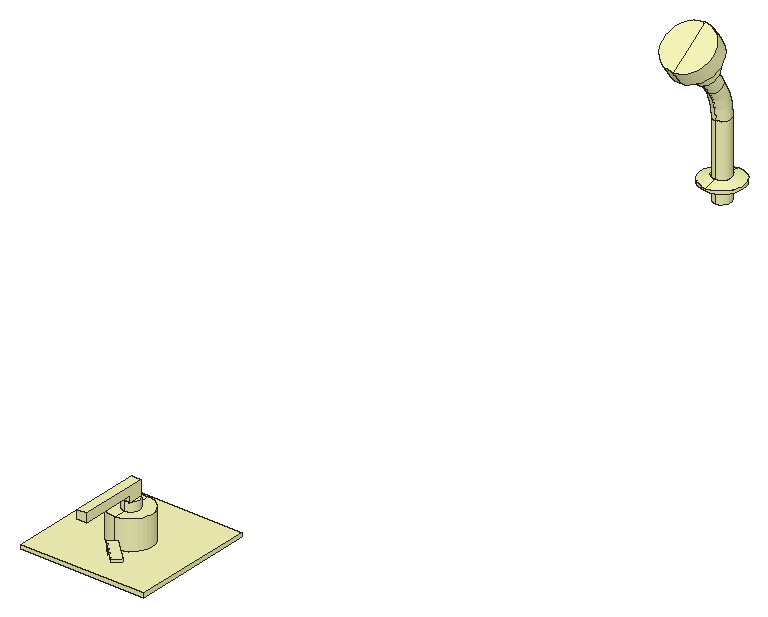
Revit family "Shower_System-Symmons-Duro-Shower-Volume_Control-Trim", category Plumbing Fixtures, host Face, Revit 2015 (continued)
Definition of nested family "Shower_System_Valve-Symmons-Duro-Shower-Trim"
  Parameters
       z Type Service Stop = 1, z Type Check Stops = 1, z Type IPS Connection = 0), "Integral Service Stops,Check Stops", if(and(z VC Type = 1, z Type Reverse Core = 1, z Type Service Stop = 1, z Type Check Stops = 1, z Type IPS Connection = 0), "Volume Control,Reverse Core,Integral Service Stops,Check Stops", if(and(z VC Type = 0, z Type Reverse Core = 1, z Type Service Stop = 1, z Type Check Stops = 1, z Type IPS Connection = 0), "Reverse Core,Integral Service Stops,Check Stops", if(and(z VC Type = 1, z Type Reverse Core = 0, z Type Service Stop = 0, z Type Check Stops = 0, z Type IPS Connection = 1), "Volume Control,.5 Inch IPS Connection", if(and(z VC Type = 0, z Type Reverse Core = 0, z Type Service Stop = 0, z Type Check Stops = 0, z Type IPS Connection = 1), ".5 Inch IPS Connection", "Not Available")))))))))))))))))))))))))))))))))))))))))))))))))))))  # "Volume Control"
    Model Disclaimer = "Contact Symmons Industries, Inc. For More Information"  # constant formula
    Model = "See Part Number"  # constant formula
    Manufacturer = "Symmons Industries, Inc."  # constant formula
    Has Wide Lever Handle [instance] = no
    Has Volume Control [instance] = yes
    Has Trim Only [instance] = no
    z Has Symmons Temptrol Mixing Valve Only = no
    Has Reverse Core [instance] = no
    Has Rebuild Kit Trim Only [instance] = no
    Has Integral Service Stops [instance] = no
    Has Check Stops [instance] = no
    Has .5 Inch Female IPS Connections [instance] = no
    Family Version = "1.0"  # constant formula
    Equipment Number [instance] = ""
    Equipment Abbreviation = "SVS"
    Desired Hot Cold Pipe Width [instance] = 4.000"  # constant formula
    Description = "See Part Description"  # constant formula
    Default Elevation = 48.000"
    Date Modified = "January 30, 2015"  # constant formula
    Date Created = "January 30, 2015"  # constant formula
    Copyright = "©2013 Symmons Industries, Inc."  # constant formula
    Actual Hot Cold Pipe Width [instance] = if(Desired Hot Cold Pipe Width > 5.500", 5.500", if(Desired Hot Cold Pipe Width < 4.000", 4.000", Desired Hot Cold Pipe Width))  # 4.000"
  Reference planes (in)
    plane 1 "Center (Front/Back)": y = 0
    plane 2 "Center (Elevation)": z = 0
    plane 3 "Center (Left/Right)": x = 0
    plane 4: x = -3.75
    plane 5: y = 3.75
    plane 6: y = -3.75
    plane 7: x = 3.75
    plane 8: z = -3.5
    plane 9: z = 3.375
    plane 10: z = 0
    plane 11: z = 0.25
    plane 12: x = 0.28006
    plane 13: x = -0.28006
    plane 14: z = -2.375
    plane 15: y = -5.75
    plane 16: x = -0.05
    plane 17: y = 0.05
    plane 18: x = 0.05
    plane 19: y = -0.05
    plane 20: z = 0.1
    plane 21: z = 2.875
    plane 22: z = 2.5
    plane 23: z = 2
    plane 24: z = -1.30783
    plane 25: z = -0.80783
    plane 26: z = -0.56163
    plane 27: z = -0.25
  Forms (in)
    Extrusion 1, solid
      sketch origin (0, 0, 0) x (1, 0, 0) y (0, 1, 0)
        loop
          line (-2, 2) -> (-2, -2) -> (2, -2) -> (2, 2) -> (-2, 2)
      from 0 to -0.25
    Extrusion 2, solid, material <- "Product Material", visible <- "z Trim Visibility"
      sketch origin (0, 0, 0) x (1, 0, 0) y (0, 1, 0)
        loop
          line (-3.75, 3.75) -> (-3.75, -3.75) -> (3.75, -3.75) -> (3.75, 3.75) -> (-3.75, 3.75)
      from 0 to 0.25
    Extrusion 3, solid, material <- "Product Material", visible <- "z Trim Visibility"
      sketch origin (0, 0, 0) x (0, 1, 0) y (0, 0, 1)
        loop
          line (-0.41241, 2.5) -> (0.41241, 2.5) -> (0.41241, 3.375) -> (-3.75, 3.375) -> (-3.75, 2.875) -> (-0.41241, 2.875) -> (-0.41241, 2.5)
      from -0.28006 to 0.28006
    Extrusion 4, solid, material <- "Product Material", visible <- "z VC Visibility"
      sketch origin (-0.88388, -0.54836, 0) x (-0.707107, 0.707107, 0) y (0, 0, 1)
        loop
          line (-1.25, 0.25) -> (-1.25, 0.75) -> (-3.08292, 0.75) -> (-3.08292, 0.64028) -> (-1.64776, 0.64028) -> (-1.64776, 0.25) -> (-1.25, 0.25)
      from -0.28006 to 0.28006
    Revolve 5, solid, material <- "Product Material", visible <- "z Trim Visibility"
      sketch origin (0, 0, 0) x (0, 1, 0) y (0, 0, 1)
        loop
          line (-1.25, 0.25) -> (0, 0.25) -> (0, 2.5) -> (-0.5, 2.5) -> (-0.5, 2) -> (-1.25, 2) -> (-1.25, 0.25)
        axis (0, 2.5) -> (0, 0.25)
      angle from 0 to 360
    Extrusion 6, solid, visible <- "z Error"
      sketch origin (0, 0, 0) x (1, 0, 0) y (0, 1, 0)
        loop
          line (-0.05, 0.05) -> (-0.05, -0.05) -> (0.05, -0.05) -> (0.05, 0.05) -> (-0.05, 0.05)
      from 0 to 0.1
  Cuts and joins
    joined: Extrusion 3, Revolve 5
  Lines and regions (in)
    Masking region 1
      outline origin (0, 0, 0) x (1, 0, 0) y (0, 0, 1)
        loop
          line (0, 3.375) -> (-0.28006, 3.375) -> (-0.28006, 2.5) -> (-0.5, 2.5) -> (-0.5, 2) -> (-1.25, 2) -> (-1.25, 0.25) -> (-3.75, 0.25) -> (-3.75, 0) -> (3.75, 0) -> (3.75, 0.25) -> (1.25, 0.25) -> (1.25, 2) -> (0.5, 2) -> (0.5, 2.5) -> (0.28006, 2.5) -> (0.28006, 3.375) -> (0, 3.375)
    symbolic lines, detail levels fine
      curve 1: line (-0.28006, 0, 2.875) -> (0.28006, 0, 2.875)
      curve 2: line (-0.28006, 0, 2.5) -> (0.28089, 0, 2.5)
      curve 3: line (-0.5, 0, 2) -> (0.5, 0, 2)
      curve 4: line (-1.25, 0, 0.25) -> (1.25, 0, 0.25)
  Dimensions and locks (in)
    equal spacing: plane 4, plane 3 "Center (Left/Right)", plane 7
    "z Overall Width": plane 4 to plane 7
    equal spacing: plane 5, plane 1 "Center (Front/Back)", plane 6
    "z Overall Height": plane 5 to plane 6
    "z Overall Depth": plane 9 to plane 8
    "z Offset": plane 2 "Center (Elevation)" to plane 8
    locked: plane 9 to plane 10 at 3.375
    locked: plane 11 to plane 10 at 0.25
    Extrusion 3 sketch curve to Extrusion 3 sketch curve to plane 9 = 0.375" locked, 0.500" locked
    plane 6 to Extrusion 3 sketch curve to Extrusion 3 sketch curve = 3.33759" locked, 0.82482" locked
    equal spacing: plane 13, plane 3 "Center (Left/Right)", plane 12
    locked: plane 13 to plane 12 at 0.56011
    plane 6 to Extrusion 4 sketch curve to Extrusion 4 sketch curve to Extrusion 4 sketch curve = 1.02168" locked, 1.01482" locked, 0.28126" locked
    Extrusion 4 sketch curve to Extrusion 4 sketch curve to plane 11 = 0.10972" locked, 0.39028" locked
    locked: Extrusion 4 to Extrusion 4 at 0.56011
    locked: plane 3 "Center (Left/Right)" to Extrusion 4 at 0.19803
    locked: plane 10 to plane 14 at 2.375
    Revolve 5 sketch curve to Revolve 5 sketch curve to plane 1 "Center (Front/Back)" = 0.750" locked, 0.500" locked
    plane 11 to Revolve 5 sketch curve to Revolve 5 sketch curve = 1.750" locked, 0.500" locked
    locked: plane 6 to plane 15 at 2
    equal spacing: plane 17, plane 1 "Center (Front/Back)", plane 19
    "z Error Box Height": plane 17 to plane 19
    equal spacing: plane 16, plane 3 "Center (Left/Right)", plane 18
    "z Error Box Width": plane 16 to plane 18
    "z Error Box Depth": plane 20 to plane 10
    Masking region 1 sketch curve to Masking region 1 sketch curve to Masking region 1 sketch curve to Masking region 1 sketch curve to plane 3 "Center (Left/Right)" to plane 12 to Masking region 1 sketch curve to Masking region 1 sketch curve to Masking region 1 sketch curve = 2.500" locked, 0.750" locked, 0.21994" locked, 0.28006" locked, 0.28006" locked, 0.21994" locked, 0.750" locked, 2.500" locked
    Masking region 1 sketch curve to Masking region 1 sketch curve to Masking region 1 sketch curve to Masking region 1 sketch curve to plane 11 = 0.000" locked, 0.500" locked, 0.000" locked, 1.750" locked
    plane 9 to plane 21 to plane 22 to plane 23 = 0.500" locked, 0.375" locked, 0.500" locked
    plane 27 to plane 26 to plane 25 to plane 24 to plane 14 = 0.31163" locked, 0.2462" locked, 0.500" locked, 1.06717" locked
    aligned and locked: plane 2 "Center (Elevation)" to Extrusion 1
    aligned and locked: level to Extrusion 1
    aligned and locked: Extrusion 2 sketch curve to plane 5
    aligned and locked: plane 4 to Extrusion 2 sketch curve
    aligned and locked: plane 6 to Extrusion 2 sketch curve
    aligned and locked: Extrusion 2 sketch curve to plane 7
    aligned and locked: Extrusion 2 to plane 10
    aligned and locked: plane 11 to Extrusion 2
    aligned and locked: Extrusion 3 sketch curve to plane 6
    aligned and locked: plane 9 to Extrusion 3 sketch curve
    aligned and locked: Extrusion 3 to plane 13
    aligned and locked: plane 12 to Extrusion 3
    aligned and locked: Extrusion 4 sketch curve to plane 11
    aligned and locked: plane 1 "Center (Front/Back)" to Revolve 5 sketch curve  (x2)
    aligned and locked: plane 11 to Revolve 5 sketch curve
    aligned and locked: Extrusion 6 sketch curve to plane 17
    aligned and locked: plane 16 to Extrusion 6 sketch curve
    aligned and locked: plane 19 to Extrusion 6 sketch curve
    aligned and locked: Extrusion 6 sketch curve to plane 18
    aligned and locked: Extrusion 6 to plane 10
    aligned and locked: plane 20 to Extrusion 6
    aligned and locked: Masking region 1 sketch curve to plane 10
    aligned and locked: Masking region 1 sketch curve to plane 11
    aligned and locked: Masking region 1 sketch curve to plane 9
  Automatic sketch dimensions
    Extrusion 1 sketch curve to Extrusion 1 sketch curve = 4.000"  (x2)
    plane 11 to Extrusion 4 sketch curve = 0.000"
    plane 11 to Extrusion 4 sketch curve = 0.39028"
    Extrusion 4 sketch curve to Extrusion 4 sketch curve = 1.43517"
    Extrusion 4 sketch curve to Extrusion 4 sketch curve = 0.39776"
    Extrusion 4 sketch curve to Extrusion 4 sketch curve = 0.10972"
    Revolve 5 sketch curve to plane 8 = 5.875"
    plane 9 to Revolve 5 sketch curve = 6.750"
    Masking region 1 sketch curve to plane 3 "Center (Left/Right)" = 0.000"
    Masking region 1 sketch curve to plane 12 = 0.000"
    curve 4 to plane 11 = 0.000"
    curve 3 to plane 23 = 0.000"
    curve 2 to plane 13 = 0.000"
    curve 1 to plane 13 = 0.000"
    curve 1 to plane 12 = 0.000"
    curve 2 to plane 22 = 0.000"
    curve 1 to plane 21 = 0.000"
    curve 3 to plane 13 = 0.21994"
    plane 12 to curve 2 = 0.00084"
    plane 12 to curve 3 = 0.21994"
    Masking region 1 sketch curve to plane 11 = 0.000"
    curve 4 to plane 13 = 0.96994"
    plane 12 to curve 4 = 0.96994"
Types (4): name | z Valve | z Type Option | z Type Model | z Type Finish | z Type | z Showerhead | z Part Number | z Part Description | z Has Trim | z Has Rebuild Kit Trim Only | Product Material | Part Number | Part Description | Model | Description
  2.5 GPM Flow Restrictor, Trim Chrome | Shower_System_Valve-Symmons-Duro-Shower-Trim : Shower Valve Sytem, Chrome | 1 | 2 | 1 | 1 | Showerhead-Symmons-Duro-Round : Chrome | "S-3601-TRM" | "Trim only, mixing valve ordered separately, Chrome" | yes | no | Chrome - Symmons - Polished | "S-3601-TRM" | "Trim only, mixing valve ordered separately, Chrome" | "S-3601-TRM" | "Trim only, mixing valve ordered separately, Chrome"
  2.5 GPM Flow Restrictor, Trim, Satin Nickel | Shower_System_Valve-Symmons-Duro-Shower-Trim : Shower Valve Sytem, Nickel | 1 | 2 | 2 | 2 | Showerhead-Symmons-Duro-Round : Satin Nickel | "S-3601-STN-TRM" | "Trim only, mixing valve ordered separately, Satin Nickel" | yes | no | Nickel - Symmons - Satin | "S-3601-STN-TRM" | "Trim only, mixing valve ordered separately, Satin Nickel" | "S-3601-STN-TRM" | "Trim only, mixing valve ordered separately, Satin Nickel"
  2.5 GPM Flow Restrictor, Rebuild Kit, Chrome | Shower_System_Valve-Symmons-Duro-Shower-Trim : Shower Valve Sytem, Chrome | 2 | 3 | 1 | 1 | Showerhead-Symmons-Duro-Round : Chrome | "S-3601-REB-TRM" | "Rebuild kit, Trim only, Chrome" | no | yes | Chrome - Symmons - Polished | "S-3601-REB-TRM" | "Rebuild kit, Trim only, Chrome" | "S-3601-REB-TRM" | "Rebuild kit, Trim only, Chrome"
  2.5 GPM Flow Restrictor, Rebuild Kit, Satin Nickel | Shower_System_Valve-Symmons-Duro-Shower-Trim : Shower Valve Sytem, Nickel | 2 | 3 | 2 | 2 | Showerhead-Symmons-Duro-Round : Satin Nickel | "S-3601-STN-REB-TRM" | "Rebuild kit, Trim only, Satin Nickel" | no | yes | Nickel - Symmons - Satin | "S-3601-STN-REB-TRM" | "Rebuild kit, Trim only, Satin Nickel" | "S-3601-STN-REB-TRM" | "Rebuild kit, Trim only, Satin Nickel"
